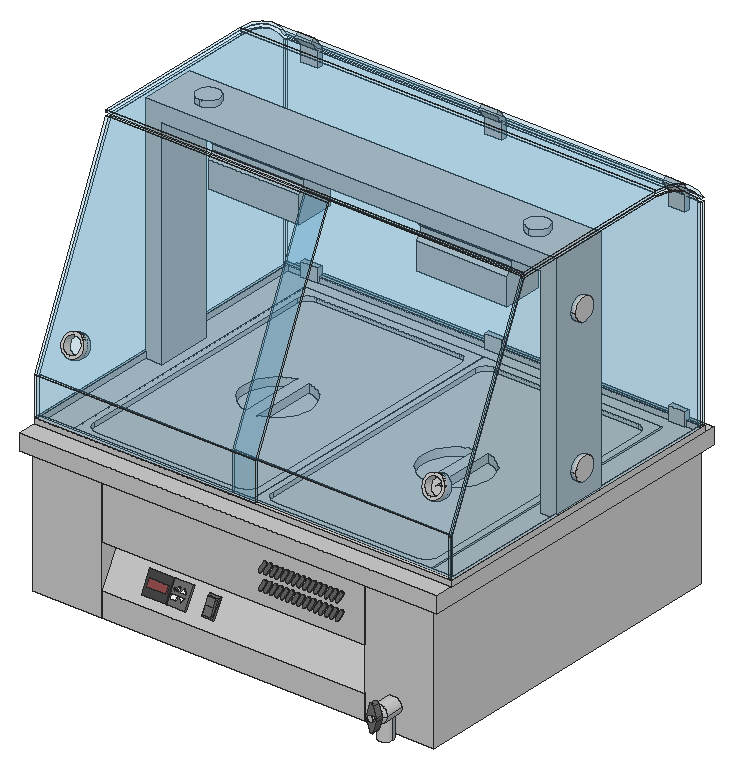
Revit family "QF_INOMAK_MBV67_250604013359", category Specialty Equipment, Revit 2021
Family settings
  Round Connector Dimension = Use Diameter
  Part Type = Normal
  OmniClass Number = 23.40.40.14
  OmniClass Title = Food Service Equipment
  Work Plane-Based = No
  Always vertical = Yes
  Cut with Voids When Loaded = No
  Shared = No
  Room Calculation Point = No
Parameters (values of type "MBV67")
  Weight [instance] = 45.0009 kg
  Waste Water Discharge Temperature [instance] = 0 °C
  Waste Remarks [instance] = ""
  Warranty Start Date [instance] = ""
  Warranty Duration [instance] = ""
  Volts [instance] = 230 V
  Volt Free Conn [instance] = no
  URL Recommended Spares List [instance] = ""
  URL Manufacturer [instance] = ""
  URL Cutsheet [instance] = ""
  URL Critical Spares List [instance] = ""
  URL = "www.inomak.com"
  Technical Documentation [instance] = ""
  Tag Number [instance] = ""
  Status [instance] = ""
  Start Up Current [instance] = 0 A
  Specification by User [instance] = ""
  Specification by Manufacturer [instance] = ""
  Sound Level [instance] = ""
  Show Logo [instance] = yes
  Show Clearances [instance] = yes
  Service Life Duration [instance] = ""
  Serial Number [instance] = ""
  Seismic Rating [instance] = ""
  SMACNA No [instance] = ""
  Revision Code [instance] = ""
  Revision [instance] = ""
  Production Year [instance] = ""
  Potential Equalisation [instance] = no
  Point Load [instance] = 0
  Plumbing Connection Type [instance] = ""
  Phase [instance] = 1
  Other Equipment Approvals [instance] = ""
  Operational Current [instance] = 0 A
  Number of Poles [instance] = 2
  No Load Power Draw [instance] = no
  NAFEM Spec ID Number [instance] = ""
  Model Warning [instance] = ""
  Model = "MBV67"
  Min Ckt Ampacity [instance] = 0 A
  Max Overcurrent Protection [instance] = 10 A
  Masterspec [instance] = ""
  Manufacturer = "INOMAK"
  Main switch integrated [instance] = no
  Length Actual [instance] = 758.952 mm
  Item Number [instance] = ""
  Installed By [instance] = ""
  Installation Date [instance] = ""
  Indirect Waste Size [instance] = 25.4 mm
  Indirect Waste Remarks [instance] = ""
  Indirect Waste Flow [instance] = 0.0 L/s
  Indirect Waste Connection Type [instance] = ""
  Indirect Waste Connection Height [instance] = 0 mm
  Identify Quantity as Lot [instance] = no
  ID [instance] = ""
  Hygiene Approval [instance] = ""
  Height Actual [instance] = 707.898 mm
  HP power [instance] = ""
  Furnished By [instance] = ""
  Foodservice Equipment Identifier [instance] = no
  FL Amps [instance] = 9.8 A
  Electrical Remarks [instance] = ""
  Electric power [instance] = 2260 W
  Electric Connection Type [instance] = ""
  Elec Conn RI Height [instance] = 0 mm
  Elec Conn Connection Height [instance] = 0 mm
  ETL Approved [instance] = no
  Direct Waste Water Discharge Temperature [instance] = -273.15 °C
  Direct Waste Size [instance] = 25.4 mm
  Direct Waste RI Height [instance] = 0 mm
  Direct Waste Flow [instance] = 0.0 L/s
  Direct Waste Connection Height [instance] = 0 mm
  Description = "PORTABLE BAIN MARIE WITH 2 GN PANS CAPACITY AND SHOWCASE"
  Depth Actual [instance] = 628.904 mm
  Default Elevation = 0 mm
  Cycle [instance] = 50 Hz
  Cost = 0
  Connection to energy optimisation system [instance] = yes
  Conn Plug [instance] = ""
  Conn Conduit [instance] = no
  Centralized building control system with digital interface [instance] = ""
  CSI MasterFormat [instance] = ""
  CE Approved [instance] = no
  Barcode [instance] = 0
  Author [instance] = ""
  Asset Identifier [instance] = ""
  Apparent Power [instance] = 2260 VA
  Accessory [instance] = no
Reference planes
  plane 1 "Center (Front/Back)": y = 0
  plane 2: z = 0
  plane 3 "Center (Left/Right)": x = 0
Forms (mm)
  Extrusion 1, solid, not visible
    sketch origin (670.033, -600.029, 12.001) x (1, 0, 0) y (0, 1, 0)
      loop
        line (-2, 2) -> (-2, -2) -> (2, -2) -> (2, 2) -> (-2, 2)
    from -2 to 2
  Extrusion 2, solid, not visible
    sketch origin (80.004, -600.029, 12.001) x (1, 0, 0) y (0, 1, 0)
      loop
        line (-2, 2) -> (-2, -2) -> (2, -2) -> (2, 2) -> (-2, 2)
    from -2 to 2
Dimensions and locks
  locked: nested 2 to Extrusion 1 at 2  (x2)
  locked: nested 3 to Extrusion 2 at 2  (x2)
  aligned and locked: level to plane 2
Nested families
  nested 1: "QF_INOMAK_PORTABLE_BAIN_MARIES_760_2920" at (0, 0, 0), type "MBV67"
    with Weight 45.0009 kg, Warranty Start Date "", Warranty Duration "", URL Cutsheet "", Technical Documentation "", Tag Number "", Status "", Specification by User "", Specification by Manufacturer "", Sound Level "", Solid Fuel Type "", Show Logo yes, Show Clearances yes, Service Life Duration "", Serial Number "", Seismic Rating "", SMACNA No "", Revision Code "", Revision "", Production Year "", Point Load 0, Other Equipment Approvals "", NAFEM Spec ID Number "", Model Warning "", Masterspec "", Length Actual 758.952 mm, Item Number "", Installed By "", Installation Date "", Identify Quantity as Lot yes, ID "", Hygiene Approval "", Height Actual 707.898 mm, Furnished By "", Foodservice Equipment Identifier yes, ETL Approved yes, Depth Actual 628.904 mm, CSI MasterFormat "", CE Approved yes, Barcode "", Author "", Asset Identifier "", Accessory no
  nested 2: "CONN_POINT_DRAIN_2D___Generic_Annotation" at (670.033, -600.029, 10), type "CONN_POINT_DRAIN_2D___Generic_Annotation"
    with Onboard connection annotation symbol visibility yes
  nested 3: "CONN_POINT_ELE_2D___Generic_Annotation" at (80.004, -600.029, 10), type "CONN_POINT_ELE_2D___Generic_Annotation"
    with Onboard connection annotation symbol visibility yes
  nested 4: "QF_INOMAK_HEAT_WORKTOPS_HTVF_760_4673" at (0, 0, 268), type "HTVF-760-630"
    with Weight 0.00 kg, Warranty Start Date "", Warranty Duration "", URL Cutsheet "", Technical Documentation "", Tag Number "", Status "", Specification by User "", Specification by Manufacturer "", Sound Level "", Solid Fuel Type "", Show Logo yes, Show Clearances yes, Service Life Duration "", Serial Number "", Seismic Rating "", SMACNA No "", Revision Code "", Revision "", Production Year "", Point Load 0, Other Equipment Approvals "", NAFEM Spec ID Number "", Model Warning "", Masterspec "", Length Actual 758.952 mm, Item Number "", Installed By "", Installation Date "", Identify Quantity as Lot yes, ID "", Hygiene Approval "", Height Actual 439.928 mm, Furnished By "", Foodservice Equipment Identifier yes, ETL Approved yes, Depth Actual 628.904 mm, CSI MasterFormat "", CE Approved yes, Barcode "", Author "", Asset Identifier "", Accessory yes
Connectors
  piping at (670.033, -600.029, 10), diameter 25.4, driven by "Indirect Waste Size", driven by "Direct Waste Flow"
    settings: on Extrusion 1, index 1, connector inside diameter 609.6 mm, connector length 0 mm, flow factor 0, pipe flow 0.0 L/s, pressure drop 0.0 Pa, fitting loss kfactor 0, connector angle 0.00°, fixture units 0, engagement length 0 mm, angle of deflection 0.00°, flow configuration 1, flow direction 2, fitting loss method 0, system type 16, joint type 0, gender type 0, connector reference index -1, connector utility 0, adjustable connector no, is connector primary yes, connector description "Waste connection for MBV67"
  electrical at (80.004, -600.029, 10), driven by "Apparent Power", driven by "Number of Poles", driven by "Volts"
    settings: on Extrusion 2, index 2, voltage 230 V, apparent load 0 VA, apparent load phase1 2260 VA, apparent load phase2 0 VA, apparent load phase3 0 VA, power factor 1, load classification "Other", number of poles 2, system type 31, power factor state 1, is connector primary yes, connector utility no, sub classification motor no, connector description "Electrical connection for MBV67"
Definition of nested family "QF_INOMAK_PORTABLE_BAIN_MARIES_760_2920"
  Parameters (values of type "MBSQ67")
    Weight [instance] = 0.00 kg
    Warranty Start Date [instance] = ""
    Warranty Duration [instance] = ""
    URL Cutsheet [instance] = ""
    URL = "www.inomak.com"
    Technical Documentation [instance] = ""
    Tag Number [instance] = ""
    Status [instance] = ""
    Specification by User [instance] = ""
    Specification by Manufacturer [instance] = ""
    Sound Level [instance] = ""
    Solid Fuel Type [instance] = ""
    Show Logo [instance] = yes
    Show Clearances [instance] = yes
    Service Life Duration [instance] = ""
    Serial Number [instance] = ""
    Seismic Rating [instance] = ""
    SMACNA No [instance] = ""
    Revision Code [instance] = ""
    Revision [instance] = ""
    Production Year [instance] = ""
    Point Load [instance] = 0
    Other Equipment Approvals [instance] = ""
    NAFEM Spec ID Number [instance] = ""
    Model Warning [instance] = ""
    Model = "MBSQ67"
    Masterspec [instance] = ""
    Manufacturer = "INOMAK"
    Length Actual [instance] = 0 mm
    Item Number [instance] = ""
    Installed By [instance] = ""
    Installation Date [instance] = ""
    Identify Quantity as Lot [instance] = yes
    ID [instance] = ""
    Hygiene Approval [instance] = ""
    Height Actual [instance] = 0 mm
    Furnished By [instance] = ""
    Foodservice Equipment Identifier [instance] = yes
    ETL Approved [instance] = yes
    Description = "PORTABLE BAIN MARIE WITH 2 GN PANS CAPACITY AND SQUARE SHOWCASE"
    Depth Actual [instance] = 0 mm
    Default Elevation = 0 mm
    CSI MasterFormat [instance] = ""
    CE Approved [instance] = yes
    Barcode [instance] = ""
    Author [instance] = ""
    Asset Identifier [instance] = ""
    Assembly Code = "E1090320"
    Accessory [instance] = yes
  Types (5, lengths in mm): name | Model | Description
    MBV67 | "MBV67" | "PORTABLE BAIN MARIE WITH 2 GN PANS CAPACITY AND SHOWCASE"
    MEV67 | "MEV67" | "PORTABLE BAIN MARIE WITH 2 GN PANS CAPACITY AND SINGLE SNEEZE GUARD"
    MSV67 | "MSV67" | "PORTABLE BAIN MARIE WITH 2 GN PANS CAPACITY AND DOUBLE SNEEZE GUARD"
    MAV67 | "MAV67" | "PORTABLE BAIN MARIE WITH 2 GN PANS CAPACITY"
    MBSQ67 | "MBSQ67" | "PORTABLE BAIN MARIE WITH 2 GN PANS CAPACITY AND SQUARE SHOWCASE"
  Reference planes
    plane 1 "Back": y = 0
    plane 2: z = 0
    plane 3 "Left": x = 0
    plane 4 "Right": x = 759
    plane 5 "Front": y = -629
    plane 6 "Top": z = 268
  Forms (mm)
    Extrusion 1, solid
      sketch origin (-86.572, -636, -16.393) x (-1, 0, 0) y (0, 0, 1)
        loop
          arc (-522.253, 222.665) -> (-526.351, 223.763) -> (-527.449, 219.665) r 3
          line (-527.449, 219.665) -> (-518.449, 204.077)
          arc (-518.449, 204.077) -> (-514.351, 202.979) -> (-513.253, 207.077) r 3
          line (-513.253, 207.077) -> (-522.253, 222.665)
        loop
          arc (-532.253, 222.665) -> (-536.351, 223.763) -> (-537.449, 219.665) r 3
          line (-537.449, 219.665) -> (-528.449, 204.077)
          arc (-528.449, 204.077) -> (-524.351, 202.979) -> (-523.253, 207.077) r 3
          line (-523.253, 207.077) -> (-532.253, 222.665)
        loop
          arc (-542.253, 222.665) -> (-546.351, 223.763) -> (-547.449, 219.665) r 3
          line (-547.449, 219.665) -> (-538.449, 204.077)
          arc (-538.449, 204.077) -> (-534.351, 202.979) -> (-533.253, 207.077) r 3
          line (-533.253, 207.077) -> (-542.253, 222.665)
        loop
          arc (-552.253, 222.665) -> (-556.351, 223.763) -> (-557.449, 219.665) r 3
          line (-557.449, 219.665) -> (-548.449, 204.077)
          arc (-548.449, 204.077) -> (-544.351, 202.979) -> (-543.253, 207.077) r 3
          line (-543.253, 207.077) -> (-552.253, 222.665)
        loop
          arc (-562.253, 222.665) -> (-566.351, 223.763) -> (-567.449, 219.665) r 3
          line (-567.449, 219.665) -> (-558.449, 204.077)
          arc (-558.449, 204.077) -> (-554.351, 202.979) -> (-553.253, 207.077) r 3
          line (-553.253, 207.077) -> (-562.253, 222.665)
        loop
          arc (-572.253, 222.665) -> (-576.351, 223.763) -> (-577.449, 219.665) r 3
          line (-577.449, 219.665) -> (-568.449, 204.077)
          arc (-568.449, 204.077) -> (-564.351, 202.979) -> (-563.253, 207.077) r 3
          line (-563.253, 207.077) -> (-572.253, 222.665)
        loop
          arc (-582.253, 222.665) -> (-586.351, 223.763) -> (-587.449, 219.665) r 3
          line (-587.449, 219.665) -> (-578.449, 204.077)
          arc (-578.449, 204.077) -> (-574.351, 202.979) -> (-573.253, 207.077) r 3
          line (-573.253, 207.077) -> (-582.253, 222.665)
        loop
          arc (-592.253, 222.665) -> (-596.351, 223.763) -> (-597.449, 219.665) r 3
          line (-597.449, 219.665) -> (-588.449, 204.077)
          arc (-588.449, 204.077) -> (-584.351, 202.979) -> (-583.253, 207.077) r 3
          line (-583.253, 207.077) -> (-592.253, 222.665)
        loop
          arc (-602.253, 222.665) -> (-606.351, 223.763) -> (-607.449, 219.665) r 3
          line (-607.449, 219.665) -> (-598.449, 204.077)
          arc (-598.449, 204.077) -> (-594.351, 202.979) -> (-593.253, 207.077) r 3
          line (-593.253, 207.077) -> (-602.253, 222.665)
        loop
          arc (-612.253, 222.665) -> (-616.351, 223.763) -> (-617.449, 219.665) r 3
          line (-617.449, 219.665) -> (-608.449, 204.077)
          arc (-608.449, 204.077) -> (-604.351, 202.979) -> (-603.253, 207.077) r 3
          line (-603.253, 207.077) -> (-612.253, 222.665)
        loop
          arc (-622.253, 222.665) -> (-626.351, 223.763) -> (-627.449, 219.665) r 3
          line (-627.449, 219.665) -> (-618.449, 204.077)
          arc (-618.449, 204.077) -> (-614.351, 202.979) -> (-613.253, 207.077) r 3
          line (-613.253, 207.077) -> (-622.253, 222.665)
        loop
          arc (-632.253, 222.665) -> (-636.351, 223.763) -> (-637.449, 219.665) r 3
          line (-637.449, 219.665) -> (-628.449, 204.077)
          arc (-628.449, 204.077) -> (-624.351, 202.979) -> (-623.253, 207.077) r 3
          line (-623.253, 207.077) -> (-632.253, 222.665)
        loop
          arc (-642.253, 222.665) -> (-646.351, 223.763) -> (-647.449, 219.665) r 3
          line (-647.449, 219.665) -> (-638.449, 204.077)
          arc (-638.449, 204.077) -> (-634.351, 202.979) -> (-633.253, 207.077) r 3
          line (-633.253, 207.077) -> (-642.253, 222.665)
        loop
          arc (-652.253, 222.665) -> (-656.351, 223.763) -> (-657.449, 219.665) r 3
          line (-657.449, 219.665) -> (-648.449, 204.077)
          arc (-648.449, 204.077) -> (-644.351, 202.979) -> (-643.253, 207.077) r 3
          line (-643.253, 207.077) -> (-652.253, 222.665)
        loop
          arc (-662.253, 222.665) -> (-666.351, 223.763) -> (-667.449, 219.665) r 3
          line (-667.449, 219.665) -> (-658.449, 204.077)
          arc (-658.449, 204.077) -> (-654.351, 202.979) -> (-653.253, 207.077) r 3
          line (-653.253, 207.077) -> (-662.253, 222.665)
        loop
          arc (-522.253, 192.665) -> (-526.351, 193.763) -> (-527.449, 189.665) r 3
          line (-527.449, 189.665) -> (-518.449, 174.077)
          arc (-518.449, 174.077) -> (-514.351, 172.979) -> (-513.253, 177.077) r 3
          line (-513.253, 177.077) -> (-522.253, 192.665)
        loop
          arc (-532.253, 192.665) -> (-536.351, 193.763) -> (-537.449, 189.665) r 3
          line (-537.449, 189.665) -> (-528.449, 174.077)
          arc (-528.449, 174.077) -> (-524.351, 172.979) -> (-523.253, 177.077) r 3
          line (-523.253, 177.077) -> (-532.253, 192.665)
        loop
          arc (-542.253, 192.665) -> (-546.351, 193.763) -> (-547.449, 189.665) r 3
          line (-547.449, 189.665) -> (-538.449, 174.077)
          arc (-538.449, 174.077) -> (-534.351, 172.979) -> (-533.253, 177.077) r 3
          line (-533.253, 177.077) -> (-542.253, 192.665)
        loop
          arc (-552.253, 192.665) -> (-556.351, 193.763) -> (-557.449, 189.665) r 3
          line (-557.449, 189.665) -> (-548.449, 174.077)
          arc (-548.449, 174.077) -> (-544.351, 172.979) -> (-543.253, 177.077) r 3
          line (-543.253, 177.077) -> (-552.253, 192.665)
        loop
          arc (-562.253, 192.665) -> (-566.351, 193.763) -> (-567.449, 189.665) r 3
          line (-567.449, 189.665) -> (-558.449, 174.077)
          arc (-558.449, 174.077) -> (-554.351, 172.979) -> (-553.253, 177.077) r 3
          line (-553.253, 177.077) -> (-562.253, 192.665)
        loop
          arc (-572.253, 192.665) -> (-576.351, 193.763) -> (-577.449, 189.665) r 3
          line (-577.449, 189.665) -> (-568.449, 174.077)
          arc (-568.449, 174.077) -> (-564.351, 172.979) -> (-563.253, 177.077) r 3
          line (-563.253, 177.077) -> (-572.253, 192.665)
        loop
          arc (-582.253, 192.665) -> (-586.351, 193.763) -> (-587.449, 189.665) r 3
          line (-587.449, 189.665) -> (-578.449, 174.077)
          arc (-578.449, 174.077) -> (-574.351, 172.979) -> (-573.253, 177.077) r 3
          line (-573.253, 177.077) -> (-582.253, 192.665)
        loop
          arc (-592.253, 192.665) -> (-596.351, 193.763) -> (-597.449, 189.665) r 3
          line (-597.449, 189.665) -> (-588.449, 174.077)
          arc (-588.449, 174.077) -> (-584.351, 172.979) -> (-583.253, 177.077) r 3
          line (-583.253, 177.077) -> (-592.253, 192.665)
        loop
          arc (-602.253, 192.665) -> (-606.351, 193.763) -> (-607.449, 189.665) r 3
          line (-607.449, 189.665) -> (-598.449, 174.077)
          arc (-598.449, 174.077) -> (-594.351, 172.979) -> (-593.253, 177.077) r 3
          line (-593.253, 177.077) -> (-602.253, 192.665)
        loop
          arc (-612.253, 192.665) -> (-616.351, 193.763) -> (-617.449, 189.665) r 3
          line (-617.449, 189.665) -> (-608.449, 174.077)
          arc (-608.449, 174.077) -> (-604.351, 172.979) -> (-603.253, 177.077) r 3
          line (-603.253, 177.077) -> (-612.253, 192.665)
        loop
          arc (-622.253, 192.665) -> (-626.351, 193.763) -> (-627.449, 189.665) r 3
          line (-627.449, 189.665) -> (-618.449, 174.077)
          arc (-618.449, 174.077) -> (-614.351, 172.979) -> (-613.253, 177.077) r 3
          line (-613.253, 177.077) -> (-622.253, 192.665)
        loop
          arc (-632.253, 192.665) -> (-636.351, 193.763) -> (-637.449, 189.665) r 3
          line (-637.449, 189.665) -> (-628.449, 174.077)
          arc (-628.449, 174.077) -> (-624.351, 172.979) -> (-623.253, 177.077) r 3
          line (-623.253, 177.077) -> (-632.253, 192.665)
        loop
          arc (-642.253, 192.665) -> (-646.351, 193.763) -> (-647.449, 189.665) r 3
          line (-647.449, 189.665) -> (-638.449, 174.077)
          arc (-638.449, 174.077) -> (-634.351, 172.979) -> (-633.253, 177.077) r 3
          line (-633.253, 177.077) -> (-642.253, 192.665)
        loop
          arc (-652.253, 192.665) -> (-656.351, 193.763) -> (-657.449, 189.665) r 3
          line (-657.449, 189.665) -> (-648.449, 174.077)
          arc (-648.449, 174.077) -> (-644.351, 172.979) -> (-643.253, 177.077) r 3
          line (-643.253, 177.077) -> (-652.253, 192.665)
        loop
          arc (-662.253, 192.665) -> (-666.351, 193.763) -> (-667.449, 189.665) r 3
          line (-667.449, 189.665) -> (-658.449, 174.077)
          arc (-658.449, 174.077) -> (-654.351, 172.979) -> (-653.253, 177.077) r 3
          line (-653.253, 177.077) -> (-662.253, 192.665)
      from 16.5 to 18.5
    Extrusion 2, solid
      sketch origin (0, -641.208, 0) x (-1, 0, 0) y (0, 0, 1)
        loop
          line (-15, 10) -> (-15, 238) -> (-140, 238) -> (-140, 10) -> (-15, 10)
      from 22.208 to 631.208
    Extrusion 3, solid
      sketch origin (0, 0, 238) x (1, 0, 0) y (0, 1, 0)
        loop
          line (0, 0) -> (0, -629) -> (759, -629) -> (759, 0) -> (0, 0)
        loop
          line (55, -579) -> (704, -579) -> (704, -49) -> (55, -49) -> (55, -579)
      from 0 to 30
    Extrusion 4, solid
      sketch origin (759.5, -641.208, 0) x (1, 0, 0) y (0, 0, -1)
        loop
          line (-15, -10) -> (-140.5, -10) -> (-140.5, -238) -> (-15, -238) -> (-15, -10)
      from 22.208 to 631.208
    Extrusion 5, solid
      sketch origin (0, 0, 0) x (0, 1, 0) y (0, 0, 1)
        loop
          line (-619, 238) -> (-619, 133.92) -> (-579, 124.282) -> (-619, 55) -> (-619, 10) -> (-10, 10) -> (-10, 238) -> (-619, 238)
      from 140 to 619
    Revolve 6, solid
      sketch origin (0, -594, 0) x (-1, 0, 0) y (0, 0, 1)
        loop
          line (-27.5, 10) -> (-40, 10) -> (-40, 0) -> (-30, 0) -> (-27.5, 10)
        axis (-40, 0) -> (-40, 10)
      angle from 0 to 360
    Revolve 7, solid
      sketch origin (759, -594, 0) x (1, 0, 0) y (0, 0, -1)
        loop
          line (-27.5, -10) -> (-30, 0) -> (-40, 0) -> (-40, -10) -> (-27.5, -10)
        axis (-40, 0) -> (-40, -10)
      angle from 0 to 360
    Extrusion 8, solid
      sketch origin (-1, -646.329, 9.665) x (-1, 0, 0) y (0, 0.5, 0.866025)
        loop
          line (-208.234, 108.408) -> (-253.234, 108.408) -> (-253.234, 68.408) -> (-208.234, 68.408) -> (-208.234, 108.408)
      from 0 to 2
    Extrusion 9, solid
      sketch origin (-612.766, -619.914, 59.417) x (-1, 0, 0) y (0, 0.5, 0.866025)
        loop
          line (-950, 15) -> (-930, 15) -> (-930, 50) -> (-950, 50) -> (-950, 15)
      from 0 to 3
    Extrusion 10, solid
      sketch origin (-584.766, -511.66, -3.083) x (0, 0.866025, -0.5) y (0, 0.5, 0.866025)
        loop
          line (-125, 18) -> (-125, 47)
          arc (-125, 47) -> (-127.961, 46.812) -> (-130.754, 45.81) r 10.576
          line (-130.754, 45.81) -> (-128, 32.5) -> (-128, 18) -> (-125, 18)
      from 905 to 919
    Extrusion 11, solid
      sketch origin (44, -646.329, 9.665) x (-1, 0, 0) y (0, 0.5, 0.866025)
        loop
          line (-208.234, 108.408) -> (-243.234, 108.408) -> (-243.234, 68.408) -> (-208.234, 68.408) -> (-208.234, 108.408)
      from 0 to 2
    Extrusion 12, solid
      sketch origin (-1, -646.762, 9.915) x (-1, 0, 0) y (0, 0.5, 0.866025)
        loop
          line (-213.234, 94.908) -> (-248.234, 94.908) -> (-248.234, 81.908) -> (-213.234, 81.908) -> (-213.234, 94.908)
      from 0 to 2.5
    Extrusion 13, solid
      sketch origin (-1, -646.762, 9.915) x (-1, 0, 0) y (0, 0.5, 0.866025)
        loop
          line (-271.558, 91.171) -> (-275.802, 98.522) -> (-280.047, 91.171) -> (-271.558, 91.171)
        loop
          line (-271.558, 85.645) -> (-280.047, 85.645) -> (-275.802, 78.294) -> (-271.558, 85.645)
        loop
          line (-257.397, 85.645) -> (-267.397, 85.645) -> (-267.397, 78.294) -> (-257.397, 78.294) -> (-257.397, 85.645)
        loop
          line (-265.397, 98.522) -> (-267.397, 98.522) -> (-267.397, 92.322) -> (-259.549, 92.322) -> (-259.549, 91.171) -> (-257.397, 93.322) -> (-259.549, 95.474) -> (-259.549, 94.322) -> (-265.397, 94.322) -> (-265.397, 98.522)
      from 0 to 2.5
    Revolve 14, solid
      sketch origin (0, -25, 0) x (-1, 0, 0) y (0, 0, -1)
        loop
          line (-27.5, -10) -> (-30, 0) -> (-40, 0) -> (-40, -10) -> (-27.5, -10)
        axis (-40, 0) -> (-40, -10)
      angle from 0 to 360
    Revolve 15, solid
      sketch origin (759, -25, 0) x (1, 0, 0) y (0, 0, 1)
        loop
          line (-27.5, 10) -> (-40, 10) -> (-40, 0) -> (-30, 0) -> (-27.5, 10)
        axis (-40, 0) -> (-40, 10)
      angle from 0 to 360
    Extrusion 16, solid
      sketch origin (-1, 4.125, 0) x (1, 0, 0) y (0, 1, 0)
        loop
          circle (672.38, -640.973) r 13
        loop
          circle (672.38, -640.973) r 11
      from 10 to 55
    Revolve 17, solid
      sketch origin (-1, 1, 55) x (1, 0, 0) y (0, 1, 0)
        loop
          line (657.38, -620) -> (657.38, -651.68) -> (662.497, -655.973) -> (672.497, -655.973) -> (672.497, -620) -> (657.38, -620)
        axis (672.497, -655.973) -> (672.497, -620)
      angle from 0 to 360
    Extrusion 18, solid
      sketch origin (-1, -629, 0) x (-1, 0, 0) y (0, 0, 1)
        loop
          circle (-672.38, 55) r 5
      from -41.78 to -25.973
    Extrusion 19, solid
      sketch origin (-1, -629, 0) x (-1, 0, 0) y (0, 0, 1)
        loop
          arc (-682.087, 57.836) -> (-682.497, 55) -> (-682.087, 52.164) r 10
          line (-682.087, 52.164) -> (-676.619, 33.676)
          arc (-676.619, 33.676) -> (-672.497, 30.597) -> (-668.376, 33.676) r 4.298
          line (-668.376, 33.676) -> (-662.908, 52.164)
          arc (-662.908, 52.164) -> (-662.497, 55) -> (-662.908, 57.836) r 10
          line (-662.908, 57.836) -> (-668.376, 76.324)
          arc (-668.376, 76.324) -> (-672.497, 79.403) -> (-676.619, 76.324) r 4.298
          line (-676.619, 76.324) -> (-682.087, 57.836)
      from -39.243 to -29.243
    Extrusion 20, solid
      sketch origin (-0.5, 1, 0) x (1, 0, 0) y (0, 1, 0)
        loop
          line (55.5, -50) -> (55.5, -580) -> (380, -580) -> (380, -50) -> (55.5, -50)
        loop
          arc (87.5, -65) -> (73.358, -70.858) -> (67.5, -85) r 20
          line (67.5, -85) -> (67.5, -545.415)
          arc (67.5, -545.415) -> (73.358, -559.557) -> (87.5, -565.415) r 20
          line (87.5, -565.415) -> (347.5, -565.415)
          arc (347.5, -565.415) -> (361.642, -559.557) -> (367.5, -545.415) r 20
          line (367.5, -545.415) -> (367.5, -85)
          arc (367.5, -85) -> (361.642, -70.858) -> (347.5, -65) r 20
          line (347.5, -65) -> (87.5, -65)
      from 238 to 270
    Extrusion 21, solid
      sketch origin (-0.5, 1, -7) x (1, 0, 0) y (0, 1, 0)
        loop
          arc (67.5, -545.415) -> (73.358, -559.557) -> (87.5, -565.415) r 20
          line (87.5, -565.415) -> (347.5, -565.415)
          arc (347.5, -565.415) -> (361.642, -559.557) -> (367.5, -545.415) r 20
          line (367.5, -545.415) -> (367.5, -85)
          arc (367.5, -85) -> (361.642, -70.858) -> (347.5, -65) r 20
          line (347.5, -65) -> (87.5, -65)
          arc (87.5, -65) -> (73.358, -70.858) -> (67.5, -85) r 20
          line (67.5, -85) -> (67.5, -545.415)
      from 245 to 270
    Extrusion 22, void
      sketch origin (-0.5, 1, 8) x (1, 0, 0) y (0, 1, 0)
        loop
          arc (207.5, -256.046) -> (157.5, -315.207) -> (207.5, -374.368) r 60
          line (207.5, -374.368) -> (207.5, -256.046)
        loop
          line (227.5, -256.046) -> (227.5, -374.368)
          arc (227.5, -374.368) -> (277.5, -315.207) -> (227.5, -256.046) r 60
      from 240 to 270
    Extrusion 23, solid
      sketch origin (324.5, 1, 0) x (1, 0, 0) y (0, 1, 0)
        loop
          line (55, -50) -> (55, -580) -> (379.5, -580) -> (379.5, -50) -> (55, -50)
        loop
          arc (87.5, -65) -> (73.358, -70.858) -> (67.5, -85) r 20
          line (67.5, -85) -> (67.5, -545.415)
          arc (67.5, -545.415) -> (73.358, -559.557) -> (87.5, -565.415) r 20
          line (87.5, -565.415) -> (347.5, -565.415)
          arc (347.5, -565.415) -> (361.642, -559.557) -> (367.5, -545.415) r 20
          line (367.5, -545.415) -> (367.5, -85)
          arc (367.5, -85) -> (361.642, -70.858) -> (347.5, -65) r 20
          line (347.5, -65) -> (87.5, -65)
      from 238 to 270
    Extrusion 24, solid
      sketch origin (324.5, 1, -7) x (1, 0, 0) y (0, 1, 0)
        loop
          arc (67.5, -545.415) -> (73.358, -559.557) -> (87.5, -565.415) r 20
          line (87.5, -565.415) -> (347.5, -565.415)
          arc (347.5, -565.415) -> (361.642, -559.557) -> (367.5, -545.415) r 20
          line (367.5, -545.415) -> (367.5, -85)
          arc (367.5, -85) -> (361.642, -70.858) -> (347.5, -65) r 20
          line (347.5, -65) -> (87.5, -65)
          arc (87.5, -65) -> (73.358, -70.858) -> (67.5, -85) r 20
          line (67.5, -85) -> (67.5, -545.415)
      from 245 to 270
    Extrusion 25, void
      sketch origin (324.5, 1, 8) x (1, 0, 0) y (0, 1, 0)
        loop
          arc (207.5, -256.046) -> (157.5, -315.207) -> (207.5, -374.368) r 60
          line (207.5, -374.368) -> (207.5, -256.046)
        loop
          line (227.5, -256.046) -> (227.5, -374.368)
          arc (227.5, -374.368) -> (277.5, -315.207) -> (227.5, -256.046) r 60
      from 240 to 270
  Cuts and joins
    Extrusion 22, Extrusion 25 cuts Extrusion 21
    Extrusion 25 cuts Extrusion 24
  Lines and regions (mm)
    symbolic lines
      curve 1: line (0, 0, 0) -> (759, 0, 0)
      curve 2: line (0, -629, 0) -> (0, 0, 0)
      curve 3: line (759, -629, 0) -> (0, -629, 0)
      curve 4: line (759, 0, 0) -> (759, -629, 0)
      curve 5: line (55, -49, 0) -> (704, -49, 0)
      curve 6: line (55, -579, 0) -> (55, -49, 0)
      curve 7: line (704, -579, 0) -> (55, -579, 0)
      curve 8: line (704, -49, 0) -> (704, -579, 0)
      curve 9: line (379.5, -49, 0) -> (379.5, -579, 0)
      curve 10: line (87, -64, 0) -> (347, -64, 0)
      curve 11: arc (67, -84, 0) -> (72.858, -69.858, 0) -> (87, -64, 0) r 20
      curve 12: line (67, -544.415, 0) -> (67, -84, 0)
      curve 13: arc (87, -564.415, 0) -> (72.858, -558.557, 0) -> (67, -544.415, 0) r 20
      curve 14: line (347, -564.415, 0) -> (87, -564.415, 0)
      curve 15: arc (367, -544.415, 0) -> (361.142, -558.557, 0) -> (347, -564.415, 0) r 20
      curve 16: line (367, -84, 0) -> (367, -544.415, 0)
      curve 17: arc (347, -64, 0) -> (361.142, -69.858, 0) -> (367, -84, 0) r 20
      curve 18: arc (227, -373.368, 0) -> (277, -314.207, 0) -> (227, -255.046, 0) r 60
      curve 19: line (227, -255.046, 0) -> (227, -373.368, 0)
      curve 20: line (207, -373.368, 0) -> (207, -255.046, 0)
      curve 21: arc (207, -255.046, 0) -> (157, -314.207, 0) -> (207, -373.368, 0) r 60
      curve 22: line (392, -544.415, 0) -> (392, -84, 0)
      curve 23: arc (392, -84, 0) -> (397.858, -69.858, 0) -> (412, -64, 0) r 20
      curve 24: line (412, -64, 0) -> (672, -64, 0)
      curve 25: arc (672, -64, 0) -> (686.142, -69.858, 0) -> (692, -84, 0) r 20
      curve 26: line (692, -84, 0) -> (692, -544.415, 0)
      curve 27: arc (692, -544.415, 0) -> (686.142, -558.557, 0) -> (672, -564.415, 0) r 20
      curve 28: line (672, -564.415, 0) -> (412, -564.415, 0)
      curve 29: arc (412, -564.415, 0) -> (397.858, -558.557, 0) -> (392, -544.415, 0) r 20
      curve 30: arc (532, -255.046, 0) -> (482, -314.207, 0) -> (532, -373.368, 0) r 60
      curve 31: line (532, -373.368, 0) -> (532, -255.046, 0)
      curve 32: line (552, -255.046, 0) -> (552, -373.368, 0)
      curve 33: arc (552, -373.368, 0) -> (602, -314.207, 0) -> (552, -255.046, 0) r 60
  Dimensions and locks
    plane 3 "Left" to plane 4 "Right" = 759 mm
    plane 5 "Front" to plane 1 "Back" = 629 mm
    plane 6 "Top" to plane 2 = 268 mm
    aligned and locked: level to plane 2
Definition of nested family "QF_INOMAK_HEAT_WORKTOPS_HTVF_760_4673"
  Parameters (values of type "HTVF-760-630")
    Weight [instance] = 0.00 kg
    Warranty Start Date [instance] = ""
    Warranty Duration [instance] = ""
    URL Cutsheet [instance] = ""
    URL = "www.inomak.com"
    Technical Documentation [instance] = ""
    Tag Number [instance] = ""
    Status [instance] = ""
    Specification by User [instance] = ""
    Specification by Manufacturer [instance] = ""
    Sound Level [instance] = ""
    Solid Fuel Type [instance] = ""
    Show Logo [instance] = yes
    Show Clearances [instance] = yes
    Service Life Duration [instance] = ""
    Serial Number [instance] = ""
    Seismic Rating [instance] = ""
    SMACNA No [instance] = ""
    Revision Code [instance] = ""
    Revision [instance] = ""
    Production Year [instance] = ""
    Point Load [instance] = 0
    Other Equipment Approvals [instance] = ""
    NAFEM Spec ID Number [instance] = ""
    Model Warning [instance] = ""
    Model = "HTVF"
    Masterspec [instance] = ""
    Manufacturer = "INOMAK"
    Length Actual [instance] = 0 mm
    Item Number [instance] = ""
    Installed By [instance] = ""
    Installation Date [instance] = ""
    Identify Quantity as Lot [instance] = yes
    ID [instance] = ""
    Hygiene Approval [instance] = ""
    Height Actual [instance] = 0 mm
    Furnished By [instance] = ""
    Foodservice Equipment Identifier [instance] = yes
    ETL Approved [instance] = yes
    Description = "FULL LENGTH VITRINE"
    Depth Actual [instance] = 0 mm
    Default Elevation = 0 mm
    CSI MasterFormat [instance] = ""
    CE Approved [instance] = yes
    Barcode [instance] = ""
    Author [instance] = ""
    Asset Identifier [instance] = ""
    Assembly Code = "E1090320"
    Accessory [instance] = yes
  Reference planes
    plane 1 "Back": y = 0
    plane 2: z = 0
    plane 3 "Left": x = 0
    plane 4 "Right": x = 759
    plane 5 "Front": y = -629
    plane 6 "Top": z = 440
  Forms (mm)
    Extrusion 1, solid
      sketch origin (1080, -2300.77, 3167) x (0, -1, 0) y (0, 0, 1)
        loop
          line (-2280.77, -3157) -> (-2275.77, -3157) -> (-2275.77, -2791.06) -> (-2280.77, -2791.06) -> (-2280.77, -3157)
      from 321 to 1080
    Extrusion 2, solid
      sketch origin (0, 0, -833) x (0, 1, 0) y (0, 0, 1)
        loop
          line (-596, 843) -> (-30, 843) -> (-30, 1210.94)
          arc (-30, 1210.94) -> (-72.588, 1249.179) -> (-128.129, 1263) r 118.514
          line (-128.129, 1263) -> (-432.792, 1263) -> (-596, 913) -> (-596, 843)
      from 0 to 5
    Extrusion 3, solid
      sketch origin (1080, 0, -833) x (0, -1, 0) y (0, 0, 1)
        loop
          line (20, 1213.94) -> (25.993, 1213.94)
          arc (25.993, 1213.94) -> (70.349, 1253.652) -> (128.129, 1268) r 123.514
          line (128.129, 1268) -> (432.8, 1268) -> (432.8, 1273) -> (128.129, 1273)
          arc (128.129, 1273) -> (66.526, 1257.273) -> (20, 1213.94) r 128.514
      from 321 to 1080
    Extrusion 4, solid
      sketch origin (0, 1874.578, 0) x (0, 1, 0) y (-1, 0, 0)
        loop
          line (-1894.578, 0) -> (-2470.578, 0) -> (-2470.578, -759) -> (-1894.578, -759) -> (-1894.578, 0)
        loop
          line (-2460.578, -5) -> (-2460.578, -754) -> (-1899.578, -754) -> (-1899.578, -5) -> (-2460.578, -5)
      from 0 to 10
    Extrusion 5, solid
      sketch origin (759, -2300.77, 3167) x (0, -1, 0) y (0, 0, 1)
        loop
          line (-1704.77, -3157) -> (-1704.77, -3087) -> (-1867.977, -2737) -> (-2172.64, -2737)
          arc (-2172.64, -2737) -> (-2228.182, -2750.821) -> (-2270.77, -2789.06) r 118.514
          line (-2270.77, -2789.06) -> (-2270.77, -3157) -> (-1704.77, -3157)
      from 0 to 5
    Extrusion 6, solid
      sketch origin (789.276, 0, -833) x (0, -1, 0) y (0, 0, 1)
        loop
          line (596, 913) -> (432.792, 1263) -> (427.275, 1263) -> (591, 911.892) -> (591, 843) -> (596, 843) -> (596, 913)
      from 386.776 to 784.276
    Extrusion 7, solid
      sketch origin (-320.276, 0, -833) x (0, -1, 0) y (0, 0, -1)
        loop
          line (591, -843) -> (586, -843) -> (586, -910.783) -> (421.759, -1263) -> (427.275, -1263) -> (591, -911.892) -> (591, -843)
      from 676.776 to 1074.276
    Extrusion 8, void
      sketch origin (789.276, -596, 80) x (0, -0.422618, -0.906308) y (-1, 0, 0)
        loop
          circle (-59.994, 736.477) r 20
      from -10.04 to 20
    Extrusion 9, solid
      sketch origin (789.276, -596, 80) x (0, 0.422618, 0.906308) y (-1, 0, 0)
        loop
          circle (59.994, 736.477) r 15
        loop
          circle (59.994, 736.477) r 20
      from -10 to 5
    Extrusion 10, solid
      sketch origin (-320.276, -591, 78.892) x (0, 0.422618, 0.906308) y (-1, 0, 0)
        loop
          circle (58.886, -1026.477) r 15
        loop
          circle (58.886, -1026.477) r 20
      from -10 to 5
    Extrusion 11, void
      sketch origin (-320.276, -591, 78.892) x (0, -0.422618, -0.906308) y (-1, 0, 0)
        loop
          circle (-58.886, -1026.477) r 20
      from -17.606 to 20.583
    Extrusion 12, solid
      sketch origin (60, 0, -833) x (0, -1, 0) y (0, 0, 1)
        loop
          line (18, 1214.525) -> (18, 1183.94) -> (27, 1183.94) -> (27, 1211.854)
          arc (27, 1211.854) -> (33.636, 1220.884) -> (41.076, 1229.265) r 121.514
          line (41.076, 1229.265) -> (34.712, 1235.629)
          arc (34.712, 1235.629) -> (25.81, 1225.509) -> (18, 1214.525) r 130.514
      from 0 to 30
    Extrusion 13, solid
      sketch origin (395, 0, -833) x (0, -1, 0) y (0, 0, 1)
        loop
          line (18, 1214.525) -> (18, 1183.94) -> (27, 1183.94) -> (27, 1211.854)
          arc (27, 1211.854) -> (33.636, 1220.884) -> (41.076, 1229.265) r 121.514
          line (41.076, 1229.265) -> (34.712, 1235.629)
          arc (34.712, 1235.629) -> (25.81, 1225.509) -> (18, 1214.525) r 130.514
      from 0 to 30
    Extrusion 14, solid
      sketch origin (790, 0, -873) x (0, -1, 0) y (0, 0, 1)
        loop
          line (18, 873) -> (27, 873) -> (27, 898) -> (18, 898) -> (18, 873)
      from 730 to 760
    Extrusion 15, solid
      sketch origin (1125, 0, -873) x (0, -1, 0) y (0, 0, 1)
        loop
          line (18, 873) -> (27, 873) -> (27, 898) -> (18, 898) -> (18, 873)
      from 730 to 760
    Extrusion 16, solid
      sketch origin (0, -695.221, -833) x (-1, 0, 0) y (0, 0, 1)
        loop
          line (-5, 833) -> (-5, 1258) -> (-754, 1258) -> (-754, 833) -> (-724, 833) -> (-724, 1228) -> (-35, 1228) -> (-35, 833) -> (-5, 833)
      from 345.221 to 445.221
    Extrusion 17, solid
      sketch origin (790, 0, -833) x (0, -1, 0) y (0, 0, 1)
        loop
          circle (300, 1158) r 20
      from 785 to 795
    Extrusion 18, solid
      sketch origin (790, 0, 1357) x (0, -1, 0) y (0, 0, 1)
        loop
          circle (300, -1292) r 20
      from 785 to 795
    Extrusion 19, solid
      sketch origin (-31, 0, -833) x (0, -1, 0) y (0, 0, -1)
        loop
          circle (300, -1158) r 20
      from 785 to 795
    Extrusion 20, solid
      sketch origin (-31, 0, 1357) x (0, -1, 0) y (0, 0, -1)
        loop
          circle (300, 1292) r 20
      from 785 to 795
    Extrusion 21, solid
      sketch origin (0, 1874.578, 40) x (0, 1, 0) y (-1, 0, 0)
        loop
          circle (-2174.578, -80) r 20
      from 385 to 395
    Extrusion 22, solid
      sketch origin (-321, 1874.578, 40) x (0, 1, 0) y (-1, 0, 0)
        loop
          circle (-2174.578, -1000) r 20
      from 385 to 395
    Extrusion 23, solid
      sketch origin (699, 0, -833) x (0, -1, 0) y (0, 0, -1)
        loop
          arc (18, -1214.525) -> (25.81, -1225.509) -> (34.712, -1235.629) r 130.514
          line (34.712, -1235.629) -> (41.076, -1229.265)
          arc (41.076, -1229.265) -> (33.636, -1220.884) -> (27, -1211.854) r 121.514
          line (27, -1211.854) -> (27, -1183.94) -> (18, -1183.94) -> (18, -1214.525)
      from 0 to 30
    Extrusion 24, solid
      sketch origin (-31, 0, -873) x (0, -1, 0) y (0, 0, -1)
        loop
          line (18, -873) -> (18, -898) -> (27, -898) -> (27, -873) -> (18, -873)
      from 730 to 760
    Extrusion 25, solid
      sketch origin (97.5, 0, 0) x (0, 1, 0) y (0, 0, 1)
        loop
          line (-265, 395) -> (-335, 395) -> (-335, 385) -> (-324.393, 374.393) -> (-275.607, 374.393) -> (-265, 385) -> (-265, 395)
      from 10 to 175
    Extrusion 26, solid
      sketch origin (107.5, 0, 0) x (0, 1, 0) y (0, 0, 1)
        loop
          line (-275.607, 374.393) -> (-324.393, 374.393) -> (-324.393, 364.393) -> (-335, 353.787) -> (-335, 305) -> (-265, 305) -> (-265, 353.787) -> (-275.607, 364.393) -> (-275.607, 374.393)
      from 0 to 5
    Extrusion 27, solid
      sketch origin (112.5, 0, 0) x (0, 1, 0) y (0, 0, 1)
        loop
          line (-275.607, 374.393) -> (-324.393, 374.393) -> (-324.393, 364.393) -> (-335, 353.787) -> (-335, 305) -> (-330, 305) -> (-330, 348.787) -> (-270, 348.787) -> (-270, 305) -> (-265, 305) -> (-265, 353.787) -> (-275.607, 364.393) -> (-275.607, 374.393)
      from 0 to 155
    Extrusion 28, solid
      sketch origin (267.5, 0, 0) x (0, 1, 0) y (0, 0, 1)
        loop
          line (-275.607, 374.393) -> (-324.393, 374.393) -> (-324.393, 364.393) -> (-335, 353.787) -> (-335, 305) -> (-265, 305) -> (-265, 353.787) -> (-275.607, 364.393) -> (-275.607, 374.393)
      from 0 to 5
    Extrusion 29, solid
      sketch origin (661.5, 0, 0) x (0, 1, 0) y (0, 0, -1)
        loop
          line (-265, -395) -> (-265, -385) -> (-275.607, -374.393) -> (-324.393, -374.393) -> (-335, -385) -> (-335, -395) -> (-265, -395)
      from 10 to 175
    Extrusion 30, solid
      sketch origin (651.5, 0, 0) x (0, 1, 0) y (0, 0, -1)
        loop
          line (-275.607, -374.393) -> (-275.607, -364.393) -> (-265, -353.787) -> (-265, -305) -> (-335, -305) -> (-335, -353.787) -> (-324.393, -364.393) -> (-324.393, -374.393) -> (-275.607, -374.393)
      from 0 to 5
    Extrusion 31, solid
      sketch origin (646.5, 0, 0) x (0, 1, 0) y (0, 0, -1)
        loop
          line (-275.607, -374.393) -> (-275.607, -364.393) -> (-265, -353.787) -> (-265, -305) -> (-270, -305) -> (-270, -348.787) -> (-330, -348.787) -> (-330, -305) -> (-335, -305) -> (-335, -353.787) -> (-324.393, -364.393) -> (-324.393, -374.393) -> (-275.607, -374.393)
      from 0 to 155
    Extrusion 32, solid
      sketch origin (491.5, 0, 0) x (0, 1, 0) y (0, 0, -1)
        loop
          line (-275.607, -374.393) -> (-275.607, -364.393) -> (-265, -353.787) -> (-265, -305) -> (-335, -305) -> (-335, -353.787) -> (-324.393, -364.393) -> (-324.393, -374.393) -> (-275.607, -374.393)
      from 0 to 5
  Cuts and joins
    Extrusion 8 cuts Extrusion 6
    Extrusion 11 cuts Extrusion 7
    joined: Extrusion 26, Extrusion 27, Extrusion 28
    joined: Extrusion 30, Extrusion 31, Extrusion 32
  Lines and regions (mm)
    Masking region 1
      outline origin (0, 0, 0) x (1, 0, 0) y (0, 1, 0)
        loop
          line (0, -20) -> (0, -596) -> (759, -596) -> (759, -20) -> (0, -20)
    symbolic lines
      curve 1: line (0, -20, 0) -> (759, -20, 0)
      curve 2: line (0, -596, 0) -> (0, -20, 0)
      curve 3: line (759, -596, 0) -> (0, -596, 0)
      curve 4: line (759, -20, 0) -> (759, -596, 0)
      curve 5: line (0, -432.8, 0) -> (759, -432.8, 0)
      curve 6: line (402.5, -432.8, 0) -> (402.5, -596, 0)
      curve 7: spline (32.799, -570.645, 0) -> (33.48, -568.458, 0) -> (35.478, -566.419, 0) -> (38.657, -564.669, 0) -> (42.799, -563.325, 0) -> (47.623, -562.481, 0) -> (52.799, -562.193, 0) -> (57.975, -562.481, 0) -> (62.799, -563.325, 0) -> (66.941, -564.669, 0) -> (70.119, -566.419, 0) -> (72.117, -568.458, 0) -> (72.799, -570.645, 0) -> (72.117, -572.833, 0) -> (70.119, -574.872, 0) -> (66.941, -576.622, 0) -> (62.799, -577.965, 0) -> (57.975, -578.81, 0) -> (52.799, -579.098, 0) -> (47.623, -578.81, 0) -> (42.799, -577.965, 0) -> (38.657, -576.622, 0) -> (35.478, -574.872, 0) -> (33.48, -572.833, 0) -> (32.799, -570.645, 0)
      curve 8: spline (686.201, -566.114, 0) -> (686.883, -563.926, 0) -> (688.881, -561.888, 0) -> (692.059, -560.137, 0) -> (696.201, -558.794, 0) -> (701.025, -557.949, 0) -> (706.201, -557.661, 0) -> (711.377, -557.949, 0) -> (716.201, -558.794, 0) -> (720.343, -560.137, 0) -> (723.522, -561.888, 0) -> (725.52, -563.926, 0) -> (726.201, -566.114, 0) -> (725.52, -568.301, 0) -> (723.522, -570.34, 0) -> (720.343, -572.091, 0) -> (716.201, -573.434, 0) -> (711.377, -574.278, 0) -> (706.201, -574.566, 0) -> (701.025, -574.278, 0) -> (696.201, -573.434, 0) -> (692.059, -572.091, 0) -> (688.881, -570.34, 0) -> (686.883, -568.301, 0) -> (686.201, -566.114, 0)
  Dimensions and locks
    plane 3 "Left" to plane 4 "Right" = 759 mm
    plane 5 "Front" to plane 1 "Back" = 629 mm
    plane 6 "Top" to plane 2 = 440 mm
    aligned and locked: level to plane 2
Definition of nested family "CONN_POINT_DRAIN_2D___Generic_Annotation"
  Parameters (values of type "CONN_POINT_DRAIN_2D___Generic_Annotation")
    Onboard connection annotation symbol visibility [instance] = yes
  Reference planes
    plane 1: y = 0
    plane 2: x = 0
  Lines and regions (mm)
    detail lines, visible <- "Onboard connection annotation symbol visibility"
      curve 1: circle (0, 0, 0) r 0.5 normal (0, 0, 1)
      curve 2: line (-1, 0, 0) -> (1, 0, 0)
      curve 3: line (0, 1, 0) -> (0, -1, 0)
      curve 4: line (1.776, 1, 0) -> (1.25, 1, 0)
      curve 5: line (1.25, 1, 0) -> (1.25, -1, 0)
      curve 6: line (1.25, -1, 0) -> (1.776, -1, 0)
      curve 7: arc (2.206, -0.862, 0) -> (2.459, -0.589, 0) -> (2.583, -0.238, 0) r 0.918
      curve 8: arc (2.583, 0.238, 0) -> (2.459, 0.589, 0) -> (2.206, 0.862, 0) r 0.918
      curve 9: arc (2.583, -0.238, 0) -> (2.599, 0, 0) -> (2.583, 0.238, 0) r 1.77
      curve 10: arc (2.206, 0.862, 0) -> (2.002, 0.965, 0) -> (1.776, 1, 0) r 0.741
      curve 11: arc (1.776, -1, 0) -> (2.002, -0.965, 0) -> (2.206, -0.862, 0) r 0.741
Definition of nested family "CONN_POINT_ELE_2D___Generic_Annotation"
  Parameters (values of type "CONN_POINT_ELE_2D___Generic_Annotation")
    Onboard connection annotation symbol visibility [instance] = yes
  Reference planes
    plane 1: y = 0
    plane 2: x = 0
  Lines and regions (mm)
    detail lines, visible <- "Onboard connection annotation symbol visibility"
      curve 1: circle (0, 0, 0) r 0.5 normal (0, 0, 1)
      curve 2: line (-1, 0, 0) -> (1, 0, 0)
      curve 3: line (0, 1, 0) -> (0, -1, 0)
      curve 4: line (2.5, 1, 0) -> (1.25, 1, 0)
      curve 5: line (1.25, 1, 0) -> (1.25, -1, 0)
      curve 6: line (1.25, -1, 0) -> (2.5, -1, 0)
      curve 7: line (1.25, 0, 0) -> (2, 0, 0)
